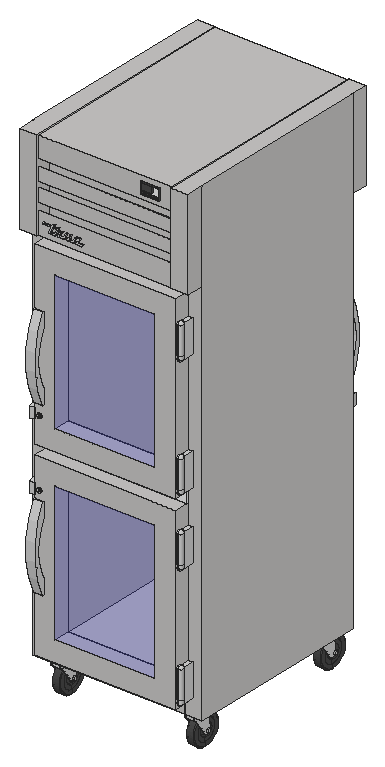
Revit family "QF_TRUE_STG1RPT-2HG-1G-HC", category Specialty Equipment, Revit 2012 (continued)
Automatic sketch dimensions
  Extrusion 6 sketch curve to Extrusion 6 sketch curve = 0.27321"
  Extrusion 6 sketch curve to Extrusion 6 sketch curve = 0.0526"
  Extrusion 6 sketch curve to Extrusion 6 sketch curve = 0.10005"
  Extrusion 6 sketch curve to Extrusion 6 sketch curve = 0.06912"
  Extrusion 6 sketch curve to Extrusion 6 sketch curve = 0.13276"
  Extrusion 6 sketch curve to Extrusion 6 sketch curve = 0.17486"
  Extrusion 6 sketch curve to Extrusion 6 sketch curve = 0.05291"
  Extrusion 6 sketch curve to Extrusion 6 sketch curve = 0.53374"
  Extrusion 6 sketch curve to Extrusion 6 sketch curve = 0.09914"  (x2)
  Extrusion 6 sketch curve to Extrusion 6 sketch curve = 0.15992"
  Extrusion 6 sketch curve to Extrusion 6 sketch curve = 0.46666"
  Extrusion 6 sketch curve to Extrusion 6 sketch curve = 0.00582"
  Extrusion 6 sketch curve to Extrusion 6 sketch curve = 0.08216"
  Extrusion 6 sketch curve to Extrusion 6 sketch curve = 0.16397"
  Extrusion 6 sketch curve to Extrusion 6 sketch curve = 0.12601"
  Extrusion 6 sketch curve to Extrusion 6 sketch curve = 0.1363"
  Extrusion 6 sketch curve to Extrusion 6 sketch curve = 0.02323"
  Extrusion 6 sketch curve to Extrusion 6 sketch curve = 0.03844"
  Extrusion 6 sketch curve to Extrusion 6 sketch curve = 0.0454"
  Extrusion 6 sketch curve to Extrusion 6 sketch curve = 0.05693"
  Extrusion 6 sketch curve to Extrusion 6 sketch curve = 0.0917"
  Extrusion 6 sketch curve to Extrusion 6 sketch curve = 0.01902"
  Extrusion 6 sketch curve to Extrusion 6 sketch curve = 0.02191"
  Extrusion 6 sketch curve to Extrusion 6 sketch curve = 0.0347"
  Extrusion 6 sketch curve to Extrusion 6 sketch curve = 0.06385"
  Extrusion 6 sketch curve to Extrusion 6 sketch curve = 0.02906"
  Extrusion 6 sketch curve to Extrusion 6 sketch curve = 0.02851"
  Extrusion 6 sketch curve to Extrusion 6 sketch curve = 0.29237"
  Extrusion 6 sketch curve to Extrusion 6 sketch curve = 0.00537"
  Extrusion 6 sketch curve to Extrusion 6 sketch curve = 0.0406"
  Extrusion 6 sketch curve to Extrusion 6 sketch curve = 0.04327"
  Extrusion 6 sketch curve to Extrusion 6 sketch curve = 0.02615"
  Extrusion 6 sketch curve to Extrusion 6 sketch curve = 0.11806"
  Extrusion 6 sketch curve to Extrusion 6 sketch curve = 0.15103"
  Extrusion 6 sketch curve to Extrusion 6 sketch curve = 0.10007"
  Extrusion 6 sketch curve to Extrusion 6 sketch curve = 0.5254"
  Extrusion 6 sketch curve to Extrusion 6 sketch curve = 0.14787"
  Extrusion 6 sketch curve to plane 5 "TOP" = 13.64562"
  Extrusion 6 sketch curve to Extrusion 6 sketch curve = 0.07275"
  Extrusion 6 sketch curve to Extrusion 6 sketch curve = 0.05776"
  Extrusion 6 sketch curve to Extrusion 6 sketch curve = 0.08631"
  Extrusion 6 sketch curve to Extrusion 6 sketch curve = 0.09282"
  Extrusion 6 sketch curve to Extrusion 6 sketch curve = 0.13018"
  Extrusion 6 sketch curve to Extrusion 6 sketch curve = 0.16714"
  Extrusion 6 sketch curve to Extrusion 6 sketch curve = 0.11061"
  Extrusion 6 sketch curve to Extrusion 6 sketch curve = 0.06046"
  Extrusion 6 sketch curve to Extrusion 6 sketch curve = 0.16548"
  Extrusion 6 sketch curve to Extrusion 6 sketch curve = 0.14279"
  Extrusion 6 sketch curve to Extrusion 6 sketch curve = 0.0496"
  Extrusion 6 sketch curve to Extrusion 6 sketch curve = 0.07293"
  Extrusion 6 sketch curve to Extrusion 6 sketch curve = 0.07764"
  Extrusion 6 sketch curve to Extrusion 6 sketch curve = 0.03794"
  Extrusion 6 sketch curve to Extrusion 6 sketch curve = 0.08552"
  Extrusion 6 sketch curve to Extrusion 6 sketch curve = 0.09296"
  Extrusion 6 sketch curve to Extrusion 6 sketch curve = 0.09314"
  Extrusion 6 sketch curve to Extrusion 6 sketch curve = 0.02781"
  Extrusion 6 sketch curve to Extrusion 6 sketch curve = 0.04981"
  Extrusion 6 sketch curve to Extrusion 6 sketch curve = 0.09315"
  Extrusion 6 sketch curve to Extrusion 6 sketch curve = 0.04799"
  Extrusion 6 sketch curve to Extrusion 6 sketch curve = 0.02531"
  Extrusion 6 sketch curve to Extrusion 6 sketch curve = 0.03054"
  Extrusion 6 sketch curve to Extrusion 6 sketch curve = 0.2589"
  Extrusion 6 sketch curve to Extrusion 6 sketch curve = 0.0674"
  Extrusion 6 sketch curve to Extrusion 6 sketch curve = 0.0324"
  Extrusion 6 sketch curve to Extrusion 6 sketch curve = 0.26185"
  Extrusion 6 sketch curve to Extrusion 6 sketch curve = 11/256"
  Extrusion 6 sketch curve to Extrusion 6 sketch curve = 0.07366"
  Extrusion 6 sketch curve to Extrusion 6 sketch curve = 0.02187"
  Extrusion 6 sketch curve to Extrusion 6 sketch curve = 0.06479"
  Extrusion 6 sketch curve to Extrusion 6 sketch curve = 0.01183"
  Extrusion 6 sketch curve to Extrusion 6 sketch curve = 0.05778"
  Extrusion 6 sketch curve to Extrusion 6 sketch curve = 0.53375"
  Extrusion 6 sketch curve to Extrusion 6 sketch curve = 0.23098"
  Extrusion 6 sketch curve to Extrusion 6 sketch curve = 0"
  Extrusion 6 sketch curve to Extrusion 6 sketch curve = 0.05045"
  Extrusion 6 sketch curve to Extrusion 6 sketch curve = 0.09139"
  Extrusion 6 sketch curve to Extrusion 6 sketch curve = 29/128"  (x3)
  Extrusion 7 sketch curve to plane 3 "RIGHT" = 3 1/4"
  Extrusion 7 sketch curve to plane 5 "TOP" = 2 1/8"
  Revolve 8 sketch curve to plane 3 "RIGHT" = 4.35148"
  Revolve 8 sketch curve to Revolve 8 sketch curve = 0.48273"
  Revolve 8 sketch curve to Revolve 8 sketch curve = 0.4"
  Revolve 8 sketch curve to Revolve 8 sketch curve = 0"  (x2)
  Revolve 8 sketch curve to Revolve 8 sketch curve = 0.1"  (x2)
  Revolve 8 sketch curve to Revolve 8 sketch curve = 0.16101"
  Revolve 8 sketch curve to Revolve 8 sketch curve = 0.75408"
  Revolve 8 sketch curve to Revolve 8 sketch curve = 0.92798"
  Revolve 8 sketch curve to Revolve 8 sketch curve = 0.06101"
  Revolve 8 sketch curve to Revolve 8 sketch curve = 1/2"
  Revolve 8 sketch curve to Revolve 8 sketch curve = 0.16509"
  Revolve 8 sketch curve to Revolve 8 sketch curve = 0.39592"
  level to Revolve 8 sketch curve = 2 1/2"
  Revolve 8 sketch curve to Revolve 8 sketch curve = 0.29941"  (x2)
  Revolve 8 sketch curve to Revolve 8 sketch curve = 3/4"  (x4)
  Revolve 8 sketch curve to Revolve 8 sketch curve = 0.59652"
  Revolve 8 sketch curve to Revolve 8 sketch curve = 0.60059"
  Extrusion 9 sketch curve to plane 6 = 0.63926"  (x2)
  Extrusion 9 sketch curve to plane 4 "FRONT" = 3.79864"
  Extrusion 9 sketch curve to Extrusion 9 sketch curve = 1/4"  (x2)
  level to Extrusion 9 sketch curve = 2.18736"  (x2)
  Extrusion 9 sketch curve to Extrusion 9 sketch curve = 1.7492"  (x2)
  Extrusion 9 sketch curve to Extrusion 9 sketch curve = 0.50669"  (x2)
  Extrusion 9 sketch curve to Extrusion 9 sketch curve = 2 1/2"  (x2)
  level to Extrusion 9 sketch curve = 2.59003"  (x2)
  Extrusion 9 sketch curve to Extrusion 9 sketch curve = 0.59966"  (x2)
  plane 8 to Extrusion 9 sketch curve = 6.82645"
  Extrusion 9 sketch curve to Extrusion 9 sketch curve = 0.60485"  (x2)
  Extrusion 10 sketch curve to plane 6 = 0.63926"  (x2)
  Extrusion 10 sketch curve to plane 4 "FRONT" = 3.79864"
  Extrusion 10 sketch curve to Extrusion 10 sketch curve = 1/4"  (x2)
  level to Extrusion 10 sketch curve = 2.18736"  (x2)
  Extrusion 10 sketch curve to Extrusion 10 sketch curve = 1.7492"  (x2)
  Extrusion 10 sketch curve to Extrusion 10 sketch curve = 0.50669"  (x2)
  Extrusion 10 sketch curve to Extrusion 10 sketch curve = 2 1/2"  (x2)
  level to Extrusion 10 sketch curve = 2.59003"  (x2)
  Extrusion 10 sketch curve to Extrusion 10 sketch curve = 0.59966"  (x2)
  plane 8 to Extrusion 10 sketch curve = 6.82645"
  Extrusion 10 sketch curve to Extrusion 10 sketch curve = 0.60485"  (x2)
  Revolve 11 sketch curve to plane 6 = 0.62954"
  Revolve 11 sketch curve to plane 3 "RIGHT" = 4.14082"
  Revolve 11 sketch curve to Revolve 11 sketch curve = 1.29707"
  Revolve 11 sketch curve to Revolve 11 sketch curve = 0"
  Revolve 11 sketch curve to Revolve 11 sketch curve = 0.10278"
  Revolve 11 sketch curve to plane 6 = 0.00141"
  plane 6 to Revolve 11 sketch curve = 0.26768"
  Revolve 12 sketch curve to level = 0"
  Revolve 12 sketch curve to plane 6 = 0"
  Revolve 12 sketch curve to plane 3 "RIGHT" = 4.17713"
  level to Revolve 12 sketch curve = 1"
  Revolve 12 sketch curve to plane 3 "RIGHT" = 3 19/32"
  Revolve 12 sketch curve to Revolve 12 sketch curve = 1/4"
  Revolve 12 sketch curve to Revolve 12 sketch curve = 1/2"
  Revolve 12 sketch curve to Revolve 12 sketch curve = 0"
  Revolve 12 sketch curve to Revolve 12 sketch curve = 5/8"
  plane 6 to Revolve 12 sketch curve = 1 25/32"
  Revolve 13 sketch curve to level = 0"
  Revolve 13 sketch curve to plane 6 = 0"
  Revolve 13 sketch curve to plane 3 "RIGHT" = 4.17713"
  level to Revolve 13 sketch curve = 1"
  Revolve 13 sketch curve to plane 3 "RIGHT" = 3 19/32"
  Revolve 13 sketch curve to Revolve 13 sketch curve = 1/4"
  Revolve 13 sketch curve to Revolve 13 sketch curve = 1/2"
  Revolve 13 sketch curve to Revolve 13 sketch curve = 0"
  Revolve 13 sketch curve to Revolve 13 sketch curve = 5/8"
  plane 6 to Revolve 13 sketch curve = 1 25/32"
  Revolve 14 sketch curve to plane 6 = 0.62954"
  Revolve 14 sketch curve to plane 3 "RIGHT" = 4.14082"
  Revolve 14 sketch curve to Revolve 14 sketch curve = 1.29707"
  Revolve 14 sketch curve to Revolve 14 sketch curve = 0"
  Revolve 14 sketch curve to Revolve 14 sketch curve = 0.10278"
  Revolve 14 sketch curve to plane 6 = 0.00141"
  plane 6 to Revolve 14 sketch curve = 0.26768"
  Extrusion 15 sketch curve to plane 6 = 0.63926"  (x2)
  Extrusion 15 sketch curve to plane 4 "FRONT" = 3.79864"
  Extrusion 15 sketch curve to Extrusion 15 sketch curve = 1/4"  (x2)
  Extrusion 15 sketch curve to Extrusion 15 sketch curve = 2 1/2"  (x2)
  Extrusion 15 sketch curve to plane 6 = 0.93273"  (x2)
  Extrusion 15 sketch curve to Extrusion 15 sketch curve = 0.03603"
  plane 8 to Extrusion 15 sketch curve = 6.82645"
  Extrusion 15 sketch curve to plane 6 = 1.24411"
  plane 2 "LEFT" to Revolve 16 sketch curve = 1.33602"
  Revolve 16 sketch curve to Revolve 16 sketch curve = 0.48273"
  Revolve 16 sketch curve to Revolve 16 sketch curve = 0.4"
  Revolve 16 sketch curve to Revolve 16 sketch curve = 0"  (x2)
  Revolve 16 sketch curve to Revolve 16 sketch curve = 0.1"  (x2)
  Revolve 16 sketch curve to Revolve 16 sketch curve = 0.16101"
  Revolve 16 sketch curve to Revolve 16 sketch curve = 0.75408"
  Revolve 16 sketch curve to Revolve 16 sketch curve = 0.92798"
  Revolve 16 sketch curve to Revolve 16 sketch curve = 0.06101"
  Revolve 16 sketch curve to Revolve 16 sketch curve = 1/2"
  Revolve 16 sketch curve to Revolve 16 sketch curve = 0.16509"
  Revolve 16 sketch curve to Revolve 16 sketch curve = 0.39592"
  level to Revolve 16 sketch curve = 2 1/2"
  Revolve 16 sketch curve to Revolve 16 sketch curve = 0.29941"  (x2)
  Revolve 16 sketch curve to Revolve 16 sketch curve = 3/4"  (x4)
  Revolve 16 sketch curve to Revolve 16 sketch curve = 0.59652"
  Revolve 16 sketch curve to Revolve 16 sketch curve = 0.60059"
  Extrusion 17 sketch curve to plane 6 = 0.63926"  (x2)
  Extrusion 17 sketch curve to plane 4 "FRONT" = 3.79864"
  Extrusion 17 sketch curve to Extrusion 17 sketch curve = 1/4"  (x2)
  level to Extrusion 17 sketch curve = 2.18736"  (x2)
  Extrusion 17 sketch curve to Extrusion 17 sketch curve = 1.7492"  (x2)
  Extrusion 17 sketch curve to Extrusion 17 sketch curve = 0.50669"  (x2)
  Extrusion 17 sketch curve to Extrusion 17 sketch curve = 2 1/2"  (x2)
  level to Extrusion 17 sketch curve = 2.59003"  (x2)
  Extrusion 17 sketch curve to Extrusion 17 sketch curve = 0.59966"  (x2)
  plane 8 to Extrusion 17 sketch curve = 6.82645"
  Extrusion 17 sketch curve to Extrusion 17 sketch curve = 0.60485"  (x2)
  Extrusion 18 sketch curve to plane 6 = 0.63926"  (x2)
  Extrusion 18 sketch curve to plane 4 "FRONT" = 3.79864"
  Extrusion 18 sketch curve to Extrusion 18 sketch curve = 1/4"  (x2)
  level to Extrusion 18 sketch curve = 2.18736"  (x2)
  Extrusion 18 sketch curve to Extrusion 18 sketch curve = 1.7492"  (x2)
  Extrusion 18 sketch curve to Extrusion 18 sketch curve = 0.50669"  (x2)
  Extrusion 18 sketch curve to Extrusion 18 sketch curve = 2 1/2"  (x2)
  level to Extrusion 18 sketch curve = 2.59003"  (x2)
  Extrusion 18 sketch curve to Extrusion 18 sketch curve = 0.59966"  (x2)
  plane 8 to Extrusion 18 sketch curve = 6.82645"
  Extrusion 18 sketch curve to Extrusion 18 sketch curve = 0.60485"  (x2)
  Revolve 19 sketch curve to plane 6 = 0.62954"
  plane 2 "LEFT" to Revolve 19 sketch curve = 1.54668"
  Revolve 19 sketch curve to Revolve 19 sketch curve = 1.29707"
  Revolve 19 sketch curve to Revolve 19 sketch curve = 0"
  Revolve 19 sketch curve to Revolve 19 sketch curve = 0.10278"
  Revolve 19 sketch curve to plane 6 = 0.00141"
  plane 6 to Revolve 19 sketch curve = 0.26768"
  Revolve 20 sketch curve to level = 0"
  Revolve 20 sketch curve to plane 6 = 0"
  plane 2 "LEFT" to Revolve 20 sketch curve = 1.51037"
  level to Revolve 20 sketch curve = 1"
  plane 2 "LEFT" to Revolve 20 sketch curve = 2 3/32"
  Revolve 20 sketch curve to Revolve 20 sketch curve = 1/4"
  Revolve 20 sketch curve to Revolve 20 sketch curve = 1/2"
  Revolve 20 sketch curve to Revolve 20 sketch curve = 0"
  Revolve 20 sketch curve to Revolve 20 sketch curve = 5/8"
  plane 6 to Revolve 20 sketch curve = 1 25/32"
  Revolve 21 sketch curve to level = 0"
  Revolve 21 sketch curve to plane 6 = 0"
  plane 2 "LEFT" to Revolve 21 sketch curve = 1.51037"
  level to Revolve 21 sketch curve = 1"
  plane 2 "LEFT" to Revolve 21 sketch curve = 2 3/32"
  Revolve 21 sketch curve to Revolve 21 sketch curve = 1/4"
  Revolve 21 sketch curve to Revolve 21 sketch curve = 1/2"
  Revolve 21 sketch curve to Revolve 21 sketch curve = 0"
  Revolve 21 sketch curve to Revolve 21 sketch curve = 5/8"
  plane 6 to Revolve 21 sketch curve = 1 25/32"
  Revolve 22 sketch curve to plane 6 = 0.62954"
  plane 2 "LEFT" to Revolve 22 sketch curve = 1.54668"
  Revolve 22 sketch curve to Revolve 22 sketch curve = 1.29707"
  Revolve 22 sketch curve to Revolve 22 sketch curve = 0"
  Revolve 22 sketch curve to Revolve 22 sketch curve = 0.10278"
  Revolve 22 sketch curve to plane 6 = 0.00141"
  plane 6 to Revolve 22 sketch curve = 0.26768"
  Extrusion 23 sketch curve to plane 6 = 0.63926"  (x2)
  Extrusion 23 sketch curve to plane 4 "FRONT" = 3.79864"
  Extrusion 23 sketch curve to Extrusion 23 sketch curve = 1/4"  (x2)
  Extrusion 23 sketch curve to Extrusion 23 sketch curve = 2 1/2"  (x2)
  Extrusion 23 sketch curve to plane 6 = 0.93273"  (x2)
  Extrusion 23 sketch curve to Extrusion 23 sketch curve = 0.03603"
  plane 8 to Extrusion 23 sketch curve = 6.82645"
  Extrusion 23 sketch curve to plane 6 = 1.24411"
  plane 2 "LEFT" to Extrusion 24 sketch curve = 2 9/32"
  Extrusion 24 sketch curve to Extrusion 24 sketch curve = 3 11/32"  (x2)
  Extrusion 24 sketch curve to plane 3 "RIGHT" = 5 5/8"
  Extrusion 24 sketch curve to plane 3 "RIGHT" = 2 9/32"
  Extrusion 24 sketch curve to plane 5 "TOP" = 16 5/32"
  plane 6 to Extrusion 24 sketch curve = 5 1/4"
  plane 6 to Extrusion 24 sketch curve = 1 29/32"
  plane 2 "LEFT" to Extrusion 25 sketch curve = 5 5/8"
  Extrusion 25 sketch curve to plane 3 "RIGHT" = 5 5/8"
  Extrusion 25 sketch curve to plane 5 "TOP" = 19 1/2"
  plane 6 to Extrusion 25 sketch curve = 5 1/4"
  plane 8 to Extrusion 26 sketch curve = 0"
  Extrusion 26 sketch curve to plane 3 "RIGHT" = 2 55/64"
  Extrusion 26 sketch curve to plane 3 "RIGHT" = 3/64"
  Extrusion 26 sketch curve to Extrusion 26 sketch curve = 2 3/4"
  plane 8 to Extrusion 27 sketch curve = 0"
  plane 2 "LEFT" to Extrusion 27 sketch curve = 3/64"
  Extrusion 27 sketch curve to Extrusion 27 sketch curve = 2 13/16"
  Extrusion 27 sketch curve to Extrusion 27 sketch curve = 3.0792"
  plane 8 to Extrusion 28 sketch curve = 0.60979"
  Extrusion 28 sketch curve to Extrusion 28 sketch curve = 0.43503"
  Extrusion 28 sketch curve to Extrusion 28 sketch curve = 0.20453"
  Extrusion 28 sketch curve to Extrusion 28 sketch curve = 1.50065"
  Extrusion 28 sketch curve to plane 5 "TOP" = 19.57271"
  Extrusion 28 sketch curve to Extrusion 28 sketch curve = 4.39928"
  Extrusion 28 sketch curve to Extrusion 28 sketch curve = 0.71221"
  plane 8 to Revolve 29 sketch curve = 3/16"  (x2)
  Revolve 29 sketch curve to Revolve 29 sketch curve = 0.38242"
  Revolve 29 sketch curve to Revolve 29 sketch curve = 0.38436"
  plane 8 to Revolve 29 sketch curve = 0.59416"
  Revolve 29 sketch curve to Revolve 29 sketch curve = 0.40666"
  Revolve 29 sketch curve to Revolve 29 sketch curve = 0"
  Revolve 29 sketch curve to plane 5 "TOP" = 18.75492"
  Revolve 29 sketch curve to Revolve 29 sketch curve = 0.55526"
  Revolve 29 sketch curve to Revolve 29 sketch curve = 0.19474"
  Revolve 29 sketch curve to Revolve 29 sketch curve = 0.14649"
  Revolve 29 sketch curve to Revolve 29 sketch curve = 4.42889"
  Revolve 29 sketch curve to Revolve 29 sketch curve = 0.05342"
  Revolve 29 sketch curve to Revolve 29 sketch curve = 0.51246"
  Revolve 29 sketch curve to Revolve 29 sketch curve = 0.05889"
  plane 2 "LEFT" to Extrusion 30 sketch curve = 1.88366"
  Extrusion 30 sketch curve to Extrusion 30 sketch curve = 0.39759"
  Extrusion 30 sketch curve to plane 5 "TOP" = 19.6514"
  Extrusion 30 sketch curve to Extrusion 30 sketch curve = 4.47281"
  plane 8 to Extrusion 31 sketch curve = 0.60979"
  Extrusion 31 sketch curve to Extrusion 31 sketch curve = 0.43503"
  Extrusion 31 sketch curve to Extrusion 31 sketch curve = 0.20453"
  Extrusion 31 sketch curve to Extrusion 31 sketch curve = 1.50065"
  plane 6 to Extrusion 31 sketch curve = 38.92729"
  Extrusion 31 sketch curve to Extrusion 31 sketch curve = 4.39928"
  Extrusion 31 sketch curve to Extrusion 31 sketch curve = 0.71221"
  plane 8 to Revolve 32 sketch curve = 3/16"  (x2)
  Revolve 32 sketch curve to Revolve 32 sketch curve = 0.38242"
  Revolve 32 sketch curve to Revolve 32 sketch curve = 0.38436"
  plane 8 to Revolve 32 sketch curve = 0.59416"
  Revolve 32 sketch curve to Revolve 32 sketch curve = 0.40666"
  Revolve 32 sketch curve to Revolve 32 sketch curve = 0"
  Revolve 32 sketch curve to plane 5 "TOP" = 38.25492"
  Revolve 32 sketch curve to Revolve 32 sketch curve = 0.55526"
  Revolve 32 sketch curve to Revolve 32 sketch curve = 0.19474"
  Revolve 32 sketch curve to Revolve 32 sketch curve = 0.14649"
  Revolve 32 sketch curve to Revolve 32 sketch curve = 4.42889"
  Revolve 32 sketch curve to Revolve 32 sketch curve = 0.05342"
  Revolve 32 sketch curve to Revolve 32 sketch curve = 0.51246"
  Revolve 32 sketch curve to Revolve 32 sketch curve = 0.05889"
  plane 2 "LEFT" to Extrusion 33 sketch curve = 1.88366"
  Extrusion 33 sketch curve to Extrusion 33 sketch curve = 0.39759"
  plane 6 to Extrusion 33 sketch curve = 38.8486"
  Extrusion 33 sketch curve to Extrusion 33 sketch curve = 4.4717"
  plane 8 to Extrusion 34 sketch curve = 0.60979"
  Extrusion 34 sketch curve to Extrusion 34 sketch curve = 0.43503"
  Extrusion 34 sketch curve to Extrusion 34 sketch curve = 0.20453"
  Extrusion 34 sketch curve to Extrusion 34 sketch curve = 1.50065"
  plane 6 to Extrusion 34 sketch curve = 27.92729"
  Extrusion 34 sketch curve to Extrusion 34 sketch curve = 4.39928"
  Extrusion 34 sketch curve to Extrusion 34 sketch curve = 0.71221"
  plane 8 to Revolve 35 sketch curve = 3/16"  (x2)
  Revolve 35 sketch curve to Revolve 35 sketch curve = 0.38242"
  Revolve 35 sketch curve to Revolve 35 sketch curve = 0.38436"
  plane 8 to Revolve 35 sketch curve = 0.59416"
  Revolve 35 sketch curve to Revolve 35 sketch curve = 0.40666"
  Revolve 35 sketch curve to Revolve 35 sketch curve = 0"
  plane 6 to Revolve 35 sketch curve = 28.74508"
  Revolve 35 sketch curve to Revolve 35 sketch curve = 0.55526"
  Revolve 35 sketch curve to Revolve 35 sketch curve = 0.19474"
  Revolve 35 sketch curve to Revolve 35 sketch curve = 0.14649"
  Revolve 35 sketch curve to Revolve 35 sketch curve = 4.42889"
  Revolve 35 sketch curve to Revolve 35 sketch curve = 0.05342"
  Revolve 35 sketch curve to Revolve 35 sketch curve = 0.51246"
  Revolve 35 sketch curve to Revolve 35 sketch curve = 0.05889"
  plane 2 "LEFT" to Extrusion 36 sketch curve = 1.88366"
  Extrusion 36 sketch curve to Extrusion 36 sketch curve = 0.39759"
  plane 6 to Extrusion 36 sketch curve = 27.8486"
  Extrusion 36 sketch curve to Extrusion 36 sketch curve = 4.47281"
  plane 8 to Extrusion 37 sketch curve = 0.60979"
  Extrusion 37 sketch curve to Extrusion 37 sketch curve = 0.43503"
  Extrusion 37 sketch curve to Extrusion 37 sketch curve = 0.20453"
  Extrusion 37 sketch curve to Extrusion 37 sketch curve = 1.50065"
  plane 6 to Extrusion 37 sketch curve = 8.17729"
  plane 6 to Extrusion 37 sketch curve = 3.57348"
  Extrusion 37 sketch curve to Extrusion 37 sketch curve = 0.75105"
  plane 8 to Revolve 38 sketch curve = 3/16"  (x2)
  Revolve 38 sketch curve to Revolve 38 sketch curve = 0.38242"
  Revolve 38 sketch curve to Revolve 38 sketch curve = 0.38436"
  plane 8 to Revolve 38 sketch curve = 0.59416"
  Revolve 38 sketch curve to Revolve 38 sketch curve = 0.40666"
  Revolve 38 sketch curve to Revolve 38 sketch curve = 0"
  plane 6 to Revolve 38 sketch curve = 8.99508"
  Revolve 38 sketch curve to Revolve 38 sketch curve = 0.55526"
  Revolve 38 sketch curve to Revolve 38 sketch curve = 0.19474"
  Revolve 38 sketch curve to Revolve 38 sketch curve = 0.14649"
  plane 6 to Revolve 38 sketch curve = 3.62689"
  Revolve 38 sketch curve to Revolve 38 sketch curve = 0.05342"
  Revolve 38 sketch curve to Revolve 38 sketch curve = 0.51246"
  Revolve 38 sketch curve to Revolve 38 sketch curve = 0.05889"
  plane 2 "LEFT" to Extrusion 39 sketch curve = 1.88366"
  Extrusion 39 sketch curve to Extrusion 39 sketch curve = 0.39759"
  plane 6 to Extrusion 39 sketch curve = 8.0986"
  plane 6 to Extrusion 39 sketch curve = 3.62579"
  Extrusion 40 sketch curve to plane 8 = 0.01517"  (x2)
  plane 8 to Extrusion 40 sketch curve = 3/16"  (x2)
  plane 8 to Extrusion 40 sketch curve = 7.00676"
  Extrusion 40 sketch curve to Extrusion 40 sketch curve = 6.82108"
  plane 6 to Extrusion 40 sketch curve = 33 1/4"
  Extrusion 40 sketch curve to Extrusion 40 sketch curve = 2.39513"
  Extrusion 40 sketch curve to Extrusion 40 sketch curve = 4.54237"
  Extrusion 40 sketch curve to Extrusion 40 sketch curve = 0"
  Extrusion 41 sketch curve to plane 3 "RIGHT" = 3.0734"
  Extrusion 41 sketch curve to Extrusion 41 sketch curve = 0.02035"
  Extrusion 41 sketch curve to Extrusion 41 sketch curve = 0.0555"
  plane 6 to Extrusion 41 sketch curve = 31.58145"
  Extrusion 41 sketch curve to Extrusion 41 sketch curve = 0.29355"
  Extrusion 41 sketch curve to Extrusion 41 sketch curve = 0.27385"
  Blend 42 sketch curve to plane 3 "RIGHT" = 2 9/32"  (x2)
  Blend 42 sketch curve to Blend 42 sketch curve = 3/4"
  plane 6 to Blend 42 sketch curve = 32.80419"
  Blend 42 sketch curve to Blend 42 sketch curve = 1 3/4"
  Blend 42 sketch curve to Blend 42 sketch curve = 0.93223"
  plane 6 to Blend 42 sketch curve = 33.23893"
  Blend 42 sketch curve to Blend 42 sketch curve = 2.78233"
  plane 2 "LEFT" to Extrusion 43 sketch curve = 2 9/32"  (x2)
  Extrusion 43 sketch curve to Extrusion 43 sketch curve = 3 11/32"  (x6)
  Extrusion 43 sketch curve to plane 3 "RIGHT" = 5 5/8"  (x2)
  Extrusion 43 sketch curve to plane 3 "RIGHT" = 2 9/32"  (x2)
  plane 6 to Extrusion 43 sketch curve = 1 29/32"
  Extrusion 43 sketch curve to Extrusion 43 sketch curve = 22 7/16"
  Extrusion 43 sketch curve to Extrusion 43 sketch curve = 1 11/16"
  Extrusion 43 sketch curve to plane 5 "TOP" = 19 1/2"
  plane 4 "FRONT" to Extrusion 44 sketch curve = 0.0247"  (x2)
  Extrusion 44 sketch curve to plane 4 "FRONT" = 3/16"  (x2)
  Extrusion 44 sketch curve to plane 4 "FRONT" = 6.88686"
  Extrusion 44 sketch curve to Extrusion 44 sketch curve = 6.44313"
  plane 6 to Extrusion 44 sketch curve = 38 15/16"
  Extrusion 44 sketch curve to Extrusion 44 sketch curve = 2.37851"
  Extrusion 44 sketch curve to Extrusion 44 sketch curve = 4.42149"
  Extrusion 44 sketch curve to Extrusion 44 sketch curve = 0"
  plane 2 "LEFT" to Extrusion 45 sketch curve = 3.0734"
  Extrusion 45 sketch curve to Extrusion 45 sketch curve = 0.02035"
  Extrusion 45 sketch curve to Extrusion 45 sketch curve = 0.0555"
  plane 6 to Extrusion 45 sketch curve = 36.8002"
  Extrusion 45 sketch curve to Extrusion 45 sketch curve = 0.29355"
  Extrusion 45 sketch curve to Extrusion 45 sketch curve = 0.27385"
  plane 2 "LEFT" to Blend 46 sketch curve = 2 9/32"
  Blend 46 sketch curve to Blend 46 sketch curve = 3/4"
  plane 6 to Blend 46 sketch curve = 38.02294"
  Blend 46 sketch curve to Blend 46 sketch curve = 1 3/4"
  Blend 46 sketch curve to plane 2 "LEFT" = 2 9/32"
  Blend 46 sketch curve to Blend 46 sketch curve = 0.93223"
  Blend 46 sketch curve to plane 6 = 35.67535"
  Blend 46 sketch curve to Blend 46 sketch curve = 2.78233"
  Extrusion 47 sketch curve to plane 4 "FRONT" = 0.60979"
  Extrusion 47 sketch curve to Extrusion 47 sketch curve = 0.43503"
  Extrusion 47 sketch curve to Extrusion 47 sketch curve = 0.20453"
  Extrusion 47 sketch curve to Extrusion 47 sketch curve = 1.50065"
  Extrusion 47 sketch curve to plane 5 "TOP" = 19.66646"
  Extrusion 47 sketch curve to Extrusion 47 sketch curve = 4.39928"
  Extrusion 47 sketch curve to Extrusion 47 sketch curve = 0.71221"
  Revolve 48 sketch curve to plane 4 "FRONT" = 3/16"  (x2)
  Revolve 48 sketch curve to Revolve 48 sketch curve = 0.38242"
  Revolve 48 sketch curve to Revolve 48 sketch curve = 0.38436"
  Revolve 48 sketch curve to plane 4 "FRONT" = 0.59416"
  Revolve 48 sketch curve to Revolve 48 sketch curve = 0.40666"
  Revolve 48 sketch curve to Revolve 48 sketch curve = 0"
  Revolve 48 sketch curve to plane 5 "TOP" = 18.84867"
  Revolve 48 sketch curve to Revolve 48 sketch curve = 0.55526"
  Revolve 48 sketch curve to Revolve 48 sketch curve = 0.19474"
  Revolve 48 sketch curve to Revolve 48 sketch curve = 0.14649"
  Revolve 48 sketch curve to Revolve 48 sketch curve = 4.42889"
  Revolve 48 sketch curve to Revolve 48 sketch curve = 0.05342"
  Revolve 48 sketch curve to Revolve 48 sketch curve = 0.51246"
  Revolve 48 sketch curve to Revolve 48 sketch curve = 0.05889"
  Extrusion 49 sketch curve to plane 3 "RIGHT" = 1.88366"
  Extrusion 49 sketch curve to Extrusion 49 sketch curve = 0.39759"
  Extrusion 49 sketch curve to plane 5 "TOP" = 19.74515"
  Extrusion 49 sketch curve to Extrusion 49 sketch curve = 4.47281"
  Extrusion 50 sketch curve to plane 4 "FRONT" = 0.60979"
  Extrusion 50 sketch curve to Extrusion 50 sketch curve = 0.43503"
  Extrusion 50 sketch curve to Extrusion 50 sketch curve = 0.20453"
  Extrusion 50 sketch curve to Extrusion 50 sketch curve = 1.50065"
  plane 6 to Extrusion 50 sketch curve = 38.83354"
  Extrusion 50 sketch curve to Extrusion 50 sketch curve = 4.39928"
  Extrusion 50 sketch curve to Extrusion 50 sketch curve = 0.71221"
  Revolve 51 sketch curve to plane 4 "FRONT" = 3/16"  (x2)
  Revolve 51 sketch curve to Revolve 51 sketch curve = 0.38242"
  Revolve 51 sketch curve to Revolve 51 sketch curve = 0.38436"
  Revolve 51 sketch curve to plane 4 "FRONT" = 0.59416"
  Revolve 51 sketch curve to Revolve 51 sketch curve = 0.40666"
  Revolve 51 sketch curve to Revolve 51 sketch curve = 0"
  Revolve 51 sketch curve to plane 5 "TOP" = 38.34867"
  Revolve 51 sketch curve to Revolve 51 sketch curve = 0.55526"
  Revolve 51 sketch curve to Revolve 51 sketch curve = 0.19474"
  Revolve 51 sketch curve to Revolve 51 sketch curve = 0.14649"
  Revolve 51 sketch curve to Revolve 51 sketch curve = 4.42889"
  Revolve 51 sketch curve to Revolve 51 sketch curve = 0.05342"
  Revolve 51 sketch curve to Revolve 51 sketch curve = 0.51246"
  Revolve 51 sketch curve to Revolve 51 sketch curve = 0.05889"
  Extrusion 52 sketch curve to plane 3 "RIGHT" = 1.88366"
  Extrusion 52 sketch curve to Extrusion 52 sketch curve = 0.39759"
  plane 6 to Extrusion 52 sketch curve = 38.75485"
  Extrusion 52 sketch curve to Extrusion 52 sketch curve = 4.47281"
  Extrusion 53 sketch curve to plane 4 "FRONT" = 0.60979"
  Extrusion 53 sketch curve to Extrusion 53 sketch curve = 0.43503"
  Extrusion 53 sketch curve to Extrusion 53 sketch curve = 0.20453"
  Extrusion 53 sketch curve to Extrusion 53 sketch curve = 1.50065"
  plane 6 to Extrusion 53 sketch curve = 27.83354"
  Extrusion 53 sketch curve to Extrusion 53 sketch curve = 4.39928"
  Extrusion 53 sketch curve to Extrusion 53 sketch curve = 0.71221"
  Revolve 54 sketch curve to plane 4 "FRONT" = 3/16"  (x2)
  Revolve 54 sketch curve to Revolve 54 sketch curve = 0.38242"
  Revolve 54 sketch curve to Revolve 54 sketch curve = 0.38436"
  Revolve 54 sketch curve to plane 4 "FRONT" = 0.59416"
  Revolve 54 sketch curve to Revolve 54 sketch curve = 0.40666"
  Revolve 54 sketch curve to Revolve 54 sketch curve = 0"
  plane 6 to Revolve 54 sketch curve = 28.65133"
  Revolve 54 sketch curve to Revolve 54 sketch curve = 0.55526"
  Revolve 54 sketch curve to Revolve 54 sketch curve = 0.19474"
  Revolve 54 sketch curve to Revolve 54 sketch curve = 0.14649"
  Revolve 54 sketch curve to Revolve 54 sketch curve = 4.42889"
  Revolve 54 sketch curve to Revolve 54 sketch curve = 0.05342"
  Revolve 54 sketch curve to Revolve 54 sketch curve = 0.51246"
  Revolve 54 sketch curve to Revolve 54 sketch curve = 0.05889"
  Extrusion 55 sketch curve to plane 3 "RIGHT" = 1.88366"
  Extrusion 55 sketch curve to Extrusion 55 sketch curve = 0.39759"
  plane 6 to Extrusion 55 sketch curve = 27.75485"
  Extrusion 55 sketch curve to Extrusion 55 sketch curve = 4.47281"
  Extrusion 56 sketch curve to plane 4 "FRONT" = 0.60979"
  Extrusion 56 sketch curve to Extrusion 56 sketch curve = 0.43503"
  Extrusion 56 sketch curve to Extrusion 56 sketch curve = 0.20453"
  Extrusion 56 sketch curve to Extrusion 56 sketch curve = 1.50065"
  plane 6 to Extrusion 56 sketch curve = 8.08354"
  plane 6 to Extrusion 56 sketch curve = 3.47973"
  Extrusion 56 sketch curve to Extrusion 56 sketch curve = 0.6573"
  Revolve 57 sketch curve to plane 4 "FRONT" = 3/16"  (x2)
  Revolve 57 sketch curve to Revolve 57 sketch curve = 0.38242"
  Revolve 57 sketch curve to Revolve 57 sketch curve = 0.38436"
  Revolve 57 sketch curve to plane 4 "FRONT" = 0.59416"
  Revolve 57 sketch curve to Revolve 57 sketch curve = 0.40666"
  Revolve 57 sketch curve to Revolve 57 sketch curve = 0"
  plane 6 to Revolve 57 sketch curve = 8.90133"
  Revolve 57 sketch curve to Revolve 57 sketch curve = 0.55526"
  Revolve 57 sketch curve to Revolve 57 sketch curve = 0.19474"
  Revolve 57 sketch curve to Revolve 57 sketch curve = 0.14649"
  plane 6 to Revolve 57 sketch curve = 3.53314"
  Revolve 57 sketch curve to Revolve 57 sketch curve = 0.05342"
  Revolve 57 sketch curve to Revolve 57 sketch curve = 0.51246"
  Revolve 57 sketch curve to Revolve 57 sketch curve = 0.05889"
  Extrusion 58 sketch curve to plane 3 "RIGHT" = 1.88366"
  Extrusion 58 sketch curve to Extrusion 58 sketch curve = 0.39759"
  plane 6 to Extrusion 58 sketch curve = 8.00485"
  plane 6 to Extrusion 58 sketch curve = 3.53204"
  plane 2 "LEFT" to Extrusion 59 sketch curve = 3.04215"
  Extrusion 59 sketch curve to Extrusion 59 sketch curve = 0.02035"
  Extrusion 59 sketch curve to Extrusion 59 sketch curve = 0.0555"
  plane 6 to Extrusion 59 sketch curve = 25.91365"
  Extrusion 59 sketch curve to Extrusion 59 sketch curve = 0.27385"
  Extrusion 59 sketch curve to Extrusion 59 sketch curve = 0.29355"
  plane 2 "LEFT" to Blend 60 sketch curve = 2 9/32"  (x2)
  Blend 60 sketch curve to Blend 60 sketch curve = 3/4"
  plane 6 to Blend 60 sketch curve = 27.00831"
  Blend 60 sketch curve to Blend 60 sketch curve = 1 3/4"
  Blend 60 sketch curve to Blend 60 sketch curve = 0.93223"
  plane 6 to Blend 60 sketch curve = 27.6059"
  Blend 60 sketch curve to Blend 60 sketch curve = 2.78233"
  plane 2 "LEFT" to Extrusion 61 sketch curve = 2 9/32"
  Extrusion 61 sketch curve to plane 3 "RIGHT" = 2 9/32"
  plane 6 to Extrusion 61 sketch curve = 31 1/32"
  Extrusion 61 sketch curve to Extrusion 61 sketch curve = 1 11/16"
  plane 2 "LEFT" to Extrusion 62 sketch curve = 5 5/8"  (x2)
  Extrusion 62 sketch curve to plane 3 "RIGHT" = 5 5/8"  (x2)
  plane 6 to Extrusion 62 sketch curve = 5 1/4"
  Extrusion 62 sketch curve to Extrusion 62 sketch curve = 22 7/16"
  Extrusion 62 sketch curve to Extrusion 62 sketch curve = 8 3/8"
  Extrusion 62 sketch curve to plane 5 "TOP" = 19 1/2"
  Extrusion 63 sketch curve to plane 5 "TOP" = 2.55982"
  Extrusion 63 sketch curve to plane 3 "RIGHT" = 7.75585"
  Extrusion 63 sketch curve to Extrusion 63 sketch curve = 2 29/32"
  Extrusion 63 sketch curve to plane 5 "TOP" = 13/16"
  Extrusion 64 sketch curve to plane 5 "TOP" = 3/4"
  Extrusion 64 sketch curve to plane 3 "RIGHT" = 7.81835"
  Extrusion 64 sketch curve to Extrusion 64 sketch curve = 1/16"  (x4)
  Extrusion 64 sketch curve to Extrusion 64 sketch curve = 0.1375"  (x2)
  Extrusion 64 sketch curve to Extrusion 64 sketch curve = 1/4"  (x4)
  Extrusion 64 sketch curve to Extrusion 64 sketch curve = 0.44601"
  Extrusion 64 sketch curve to Extrusion 64 sketch curve = 1/2"  (x2)
  Extrusion 64 sketch curve to Extrusion 64 sketch curve = 0.0035"
  Extrusion 64 sketch curve to Extrusion 64 sketch curve = 1.06923"
  Extrusion 64 sketch curve to plane 5 "TOP" = 0.95"
  Extrusion 64 sketch curve to Extrusion 64 sketch curve = 1"
  Extrusion 64 sketch curve to Extrusion 64 sketch curve = 0.34106"  (x3)
  Extrusion 64 sketch curve to Extrusion 64 sketch curve = 0"
  Extrusion 64 sketch curve to Extrusion 64 sketch curve = 0.26876"
  Revolve 65 sketch curve to plane 3 "RIGHT" = 4.35148"
  Revolve 65 sketch curve to Revolve 65 sketch curve = 0.48273"
  Revolve 65 sketch curve to Revolve 65 sketch curve = 0.4"
  Revolve 65 sketch curve to Revolve 65 sketch curve = 0"  (x2)
  Revolve 65 sketch curve to Revolve 65 sketch curve = 0.1"  (x2)
  Revolve 65 sketch curve to Revolve 65 sketch curve = 0.16101"
  Revolve 65 sketch curve to Revolve 65 sketch curve = 0.75408"
  Revolve 65 sketch curve to Revolve 65 sketch curve = 0.92798"
  Revolve 65 sketch curve to Revolve 65 sketch curve = 0.06101"
  Revolve 65 sketch curve to Revolve 65 sketch curve = 1/2"
  Revolve 65 sketch curve to Revolve 65 sketch curve = 0.16509"
  Revolve 65 sketch curve to Revolve 65 sketch curve = 0.39592"
  level to Revolve 65 sketch curve = 2 1/2"
  Revolve 65 sketch curve to Revolve 65 sketch curve = 0.29941"  (x2)
  Revolve 65 sketch curve to Revolve 65 sketch curve = 3/4"  (x4)
  Revolve 65 sketch curve to Revolve 65 sketch curve = 0.59652"
  Revolve 65 sketch curve to Revolve 65 sketch curve = 0.60059"
  plane 2 "LEFT" to Revolve 66 sketch curve = 1.33602"
  Revolve 66 sketch curve to Revolve 66 sketch curve = 0.48273"
  Revolve 66 sketch curve to Revolve 66 sketch curve = 0.4"
  Revolve 66 sketch curve to Revolve 66 sketch curve = 0"  (x2)
  Revolve 66 sketch curve to Revolve 66 sketch curve = 0.1"  (x2)
  Revolve 66 sketch curve to Revolve 66 sketch curve = 0.16101"
  Revolve 66 sketch curve to Revolve 66 sketch curve = 0.75408"
  Revolve 66 sketch curve to Revolve 66 sketch curve = 0.92798"
  Revolve 66 sketch curve to Revolve 66 sketch curve = 0.06101"
  Revolve 66 sketch curve to Revolve 66 sketch curve = 1/2"
  Revolve 66 sketch curve to Revolve 66 sketch curve = 0.16509"
  Revolve 66 sketch curve to Revolve 66 sketch curve = 0.39592"
  level to Revolve 66 sketch curve = 2 1/2"
  Revolve 66 sketch curve to Revolve 66 sketch curve = 0.29941"  (x2)
  Revolve 66 sketch curve to Revolve 66 sketch curve = 3/4"  (x4)
  Revolve 66 sketch curve to Revolve 66 sketch curve = 0.59652"
  Revolve 66 sketch curve to Revolve 66 sketch curve = 0.60059"
  Extrusion 68 sketch curve to plane 4 "FRONT" = 3/16"
  plane 2 "LEFT" to Extrusion 68 sketch curve = 2 9/32"
  Extrusion 68 sketch curve to plane 4 "FRONT" = 0.02035"
  Extrusion 68 sketch curve to plane 3 "RIGHT" = 2.35535"
  Extrusion 68 sketch curve to plane 3 "RIGHT" = 2.28132"
  plane 2 "LEFT" to Extrusion 70 sketch curve = 2 27/32"
  Extrusion 70 sketch curve to plane 4 "FRONT" = 5 3/16"
  plane 2 "LEFT" to Extrusion 71 sketch curve = 2 27/32"
  plane 8 to Extrusion 71 sketch curve = 5.06602"
  Extrusion 72 sketch curve to plane 3 "RIGHT" = 2 27/32"
  plane 8 to Extrusion 72 sketch curve = 5.06602"
  Extrusion 73 sketch curve to plane 3 "RIGHT" = 2 27/32"
  Extrusion 73 sketch curve to plane 4 "FRONT" = 5 3/16"
  plane 4 "FRONT" to Extrusion 74 sketch curve = 0.0247"  (x2)
  Extrusion 74 sketch curve to plane 4 "FRONT" = 3/16"  (x2)
  Extrusion 74 sketch curve to plane 4 "FRONT" = 6.88686"
  Extrusion 74 sketch curve to Extrusion 74 sketch curve = 6.44313"
  plane 6 to Extrusion 74 sketch curve = 11.2125"
  Extrusion 74 sketch curve to Extrusion 74 sketch curve = 2.37851"
  Extrusion 74 sketch curve to Extrusion 74 sketch curve = 4.42149"
  Extrusion 74 sketch curve to Extrusion 74 sketch curve = 0"
  plane 4 "FRONT" to curve 32 = 3/16"
  curve 25 to curve 32 = 6.49049"
  curve 35 to curve 19 = 2.6399"
  Extrusion 69 sketch curve to plane 11 = 0"
  Extrusion 69 sketch curve to plane 4 "FRONT" = 3/16"
  plane 2 "LEFT" to Extrusion 69 sketch curve = 2 9/32"
  Extrusion 69 sketch curve to plane 4 "FRONT" = 0.124"
  Extrusion 69 sketch curve to Extrusion 69 sketch curve = 7/32"
  plane 12 to Extrusion 67 sketch curve = 0"
  plane 8 to Extrusion 67 sketch curve = 0.02908"
  plane 2 "LEFT" to Extrusion 67 sketch curve = 2.15863"
  Extrusion 67 sketch curve to Extrusion 67 sketch curve = 0.12269"
  plane 8 to Extrusion 67 sketch curve = 0.18638"
  radius of Extrusion 7 sketch curve = 1/4"
  radius of Extrusion 41 sketch curve = 0.35"
  radius of Extrusion 45 sketch curve = 0.35"
  radius of Extrusion 59 sketch curve = 0.35"
  radius of Extrusion 70 sketch curve = 1 1/2"
  radius of Extrusion 71 sketch curve = 1 1/2"
  radius of Extrusion 72 sketch curve = 1 1/2"
  radius of Extrusion 73 sketch curve = 1 1/2"
Connectors (in)
  electrical at (24.25, 2.48221, 82), driven by "Volts", driven by "Watts"
    settings: on Extrusion 7, index 1, voltage 115 V, apparent load 437 VA, apparent load phase1 0 VA, apparent load phase2 0 VA, apparent load phase3 0 VA, power factor 1, load classification "Other", number of poles 1, system type 30, power factor state 1, is connector primary yes, connector utility no, sub classification motor no, connector description "ELECTRICAL CONNECTION"
